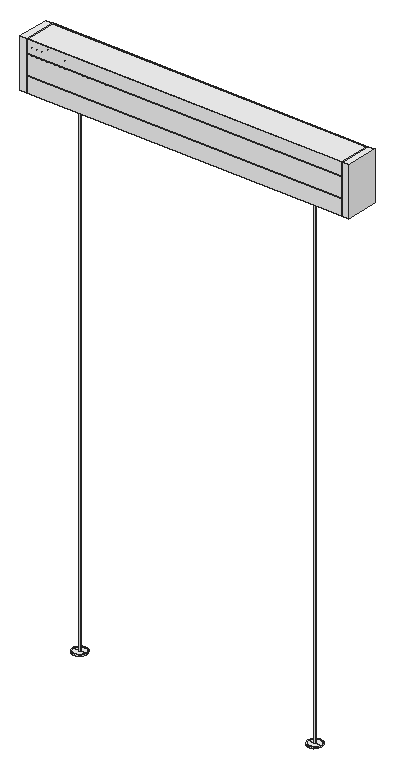
Revit family "2.3 inch  MAGIC WALL WASH LINEAR LIGHT", category Lighting Fixtures, host Face, Revit 2020 (continued)
Types (17): name | Wattage Comments | Wattage | Wall Mount | Suspenders Distance | Surface Mount | Recessed Mount | Photometric Web File | Pendent Mount | Order number | built-in parameter 1150142 | Model | built-in parameter 1150105 | Lumens | Light Source Height | Light Source Distance | built-in parameter 1150106 | Fixture Length
     1.55     1.58     1.62     1.65     1.68     1.71     1.74     1.77     1.80     1.83     \r\n 1.86     1.89     1.92     1.96     1.99     2.02     2.06     2.09     2.12     2.16     \r\n 2.19     2.22     2.26     2.29     2.32     2.36     2.39     2.42     2.46     2.49     \r\n 2.52     2.56     2.59     2.62     2.66     2.69     2.72     2.76     2.79     2.82     \r\n 2.86     2.88     2.91     2.93     2.96     2.98     3.00     3.03     3.05     3.08     \r\n 3.10     3.13     3.15     3.18     3.20     3.23     3.25     3.27     3.30     3.32     \r\n 3.35     3.37     3.40     3.42     3.45     3.47     3.50     3.52     3.54     3.57     \r\n 3.59     3.61     3.62     3.64     3.65     3.66     3.68     3.69     3.70     3.72     \r\n 3.73     3.75     3.76     3.77     3.79     3.80     3.82     3.83     3.84     3.86     \r\n 3.87     3.89     3.90     3.91     3.93     3.94     3.96     3.97     3.98     4.00     \r\n 4.01     4.01     4.01     4.01     4.01     4.01     4.01     4.01     4.01     4.01     \r\n 4.01     4.02     4.02     4.02     4.02     4.02     4.02     4.02     4.02     4.02     \r\n 4.02     4.02     4.02     4.02     4.02     4.02     4.02     4.02     4.02     4.02     \r\n 4.26     \r\n1793.11  1790.41  1787.72  1785.04  1782.37  1779.70  1777.05  1774.40  1771.76  1769.13  \r\n 1766.51  1763.90  1761.30  1758.70  1756.12  1753.54  1750.97  1748.41  1745.87  1743.33  \r\n 1740.80  1738.28  1735.77  1733.27  1730.66  1728.06  1725.46  1722.87  1720.30  1717.73  \r\n 1715.16  1706.70  1697.52  1688.35  1679.20  1670.05  1660.92  1651.80  1642.69  1633.59  \r\n 1624.50  1615.43  1606.37  1597.32  1588.28  1579.25  1570.23  1561.23  1552.22  1543.23  \r\n 1534.26  1525.31  1516.37  1507.46  1498.57  1489.70  1480.84  1472.01  1463.20  1454.41  \r\n 1445.63  1433.06  1419.62  1406.18  1392.76  1379.36  1365.96  1352.58  1339.21  1325.85  \r\n 1312.50  1299.17  1285.85  1272.55  1259.25  1245.95  1232.67  1219.41  1206.17  1192.95  \r\n 1179.74  1166.56  1153.39  1140.25  1127.12  1114.01  1100.92  1087.85  1074.79  1061.76  \r\n 1048.74  1033.77  1018.29  1002.82  987.38   971.95   956.55   941.18   925.82   910.48   \r\n 895.17   879.88   864.61   849.35   834.12   818.91   803.72   788.54   773.38   758.25   \r\n 743.13   728.03   712.96   697.90   682.86   667.84   652.84   637.86   622.90   607.95   \r\n 593.02   579.70   566.76   553.84   540.93   528.04   515.16   502.30   489.45   476.61   \r\n 463.78   450.97   438.17   425.38   412.61   399.84   387.09   374.35   361.62   348.90   \r\n 336.19   323.49   310.81   298.13   285.45   272.79   260.14   247.49   234.86   222.23   \r\n 209.61   202.01   195.03   188.05   181.07   174.10   167.13   160.16   153.20   146.24   \r\n 139.27   132.32   125.36   118.40   111.45   104.50   97.55    90.60    83.65    76.71    \r\n 69.76    62.82    55.88    48.94    42.00    35.06    28.12    21.18    14.24    7.30     \r\n 0.36     0.38     0.40     0.42     0.45     0.47     0.49     0.51     0.53     0.55     \r\n 0.57     0.60     0.62     0.64     0.66     0.68     0.70     0.73     0.75     0.77     \r\n 0.79     0.81     0.83     0.85     0.88     0.90     0.92     0.94     0.96     0.98     \r\n 1.00     1.04     1.07     1.10     1.13     1.17     1.20     1.23     1.26     1.29     \r\n 1.33     1.36     1.39     1.42     1.45     1.49     1.52     1.55     1.58     1.61     \r\n 1.65     1.68     1.71     1.74     1.77     1.80     1.84     1.87     1.90     1.93     \r\n 1.96     2.00     2.03     2.07     2.10     2.14     2.17     2.21     2.24     2.28     \r\n 2.31     2.35     2.38     2.42     2.45     2.49     2.52     2.56     2.59     2.63     \r\n 2.66     2.70     2.73     2.77     2.80     2.83     2.87     2.90     2.94     2.97     \r\n 3.00     3.03     3.05     3.07     3.10     3.12     3.14     3.17     3.19     3.21     \r\n 3.24     3.26     3.29     3.31     3.33     3.36     3.38     3.41     3.43     3.45     \r\n 3.48     3.50     3.52     3.54     3.57     3.59     3.61     3.63     3.66     3.68     \r\n 3.70     3.71     3.72     3.73     3.75     3.76     3.77     3.79     3.80     3.81     \r\n 3.82     3.84     3.85     3.86     3.88     3.89     3.90     3.91     3.93     3.94     \r\n 3.95     3.97     3.98     3.99     4.01     4.02     4.03     4.04     4.06     4.07     \r\n 4.08     4.08     4.08     4.08     4.07     4.07     4.07     4.07     4.07     4.07     \r\n 4.06     4.06     4.06     4.06     4.06     4.06     4.05     4.05     4.05     4.05     \r\n 4.05     4.04     4.04     4.04     4.04     4.04     4.03     4.03     4.03     4.03     \r\n 4.26     \r\n1793.11  1789.20  1785.30  1781.42  1777.55  1773.71  1769.87  1766.06  1762.26  1758.48  \r\n 1754.72  1750.97  1747.13  1743.19  1739.26  1735.34  1731.44  1727.56  1723.69  1719.84  \r\n 1716.00  1712.18  1708.38  1704.60  1700.71  1696.80  1692.89  1688.98  1685.07  1681.17  \r\n 1677.27  1669.80  1659.52  1649.28  1639.08  1628.93  1618.94  1608.99  1599.05  1589.12  \r\n 1579.20  1569.31  1559.42  1549.55  1539.69  1529.85  1520.03  1510.21  1500.28  1490.31  \r\n 1480.35  1470.43  1460.54  1450.68  1440.84  1431.03  1421.26  1411.51  1401.79  1392.10  \r\n 1382.44  1371.79  1357.78  1343.81  1329.86  1315.95  1302.07  1288.22  1274.40  1260.62  \r\n 1246.86  1233.14  1219.45  1205.78  1192.15  1178.44  1164.78  1151.17  1137.60  1124.09  \r\n 1110.62  1097.19  1083.82  1070.49  1057.21  1043.97  1030.78  1017.63  1004.53  991.48   \r\n 978.42   965.14   950.06   935.03   920.05   905.12   890.25   875.43   860.66   845.94   \r\n 831.27   816.64   802.07   787.55   773.07   758.64   744.26   729.93   715.65   701.43   \r\n 687.24   673.10   659.01   644.95   630.94   616.97   603.04   589.16   575.31   561.50   \r\n 547.73   534.43   522.48   510.57   498.69   486.84   475.02   463.23   451.47   439.73   \r\n 428.02   416.34   404.69   393.05   381.45   369.87   358.31   346.78   335.26   323.77   \r\n 312.31   300.86   289.43   278.02   266.63   255.26   243.91   232.58   221.26   209.95   \r\n 198.67   190.03   183.44   176.85   170.27   163.70   157.13   150.57   144.01   137.45   \r\n 130.90   124.36   117.82   111.28   104.74   98.21    91.69    85.16    78.64    72.12    \r\n 65.60    59.09    52.57    46.06    39.55    33.04    26.54    20.03    13.52    7.02     \r\n 0.51     0.53     0.55     0.57     0.58     0.60     0.62     0.64     0.65     0.67     \r\n 0.69     0.71     0.73     0.74     0.76     0.78     0.80     0.81     0.83     0.85     \r\n 0.87     0.88     0.90     0.92     0.94     0.95     0.97     0.99     1.01     1.03     \r\n 1.05     1.09     1.12     1.15     1.19     1.22     1.26     1.29     1.33     1.36     \r\n 1.39     1.43     1.46     1.50     1.53     1.56     1.60     1.63     1.66     1.70     \r\n 1.73     1.76     1.80     1.83     1.86     1.90     1.93     1.96     2.00     2.03     \r\n 2.06     2.10     2.14     2.17     2.21     2.25     2.28     2.32     2.36     2.39     \r\n 2.43     2.47     2.50     2.54     2.58     2.61     2.65     2.68     2.72     2.76     \r\n 2.79     2.83     2.86     2.90     2.94     2.97     3.01     3.04     3.08     3.11     \r\n 3.14     3.16     3.19     3.21     3.24     3.26     3.29     3.31     3.34     3.36     \r\n 3.39     3.41     3.44     3.46     3.49     3.51     3.54     3.56     3.58     3.60     \r\n 3.63     3.65     3.67     3.69     3.71     3.73     3.74     3.76     3.78     3.80     \r\n 3.81     3.82     3.83     3.85     3.86     3.87     3.88     3.89     3.91     3.92     \r\n 3.93     3.94     3.95     3.96     3.98     3.99     4.00     4.01     4.03     4.04     \r\n 4.05     4.06     4.07     4.09     4.10     4.11     4.12     4.13     4.14     4.15     \r\n 4.15     4.15     4.15     4.15     4.14     4.14     4.14     4.14     4.13     4.13     \r\n 4.12     4.12     4.11     4.11     4.10     4.10     4.09     4.09     4.08     4.08     \r\n 4.07     4.07     4.06     4.06     4.05     4.05     4.04     4.04     4.03     4.03     \r\n 4.26     \r\n1793.11  1788.01  1782.93  1777.88  1772.85  1767.85  1762.87  1757.91  1752.89  1747.64  \r\n 1742.41  1737.21  1732.03  1726.86  1721.72  1716.61  1711.45  1706.23  1701.02  1695.80  \r\n 1690.59  1685.38  1680.17  1674.97  1669.93  1664.99  1660.08  1655.21  1650.36  1645.54  \r\n 1640.76  1636.00  1624.69  1613.22  1601.80  1590.42  1579.07  1567.77  1556.51  1545.28  \r\n 1534.20  1523.21  1512.25  1501.33  1490.43  1479.58  1468.75  1457.97  1447.11  1436.11  \r\n 1425.12  1414.15  1403.20  1392.27  1381.36  1370.47  1359.59  1348.77  1338.01  1327.29  \r\n 1316.61  1305.98  1294.32  1279.73  1265.19  1250.71  1236.23  1221.80  1207.44  1193.15  \r\n 1178.93  1164.77  1150.68  1136.66  1122.70  1108.75  1094.84  1080.99  1067.22  1053.53  \r\n 1039.91  1026.36  1012.89  999.48   986.15   972.84   959.59   946.40   933.29   920.24   \r\n 907.26   894.35   881.48   867.00   852.61   838.30   824.10   809.98   795.96   782.03   \r\n 768.18   754.42   740.75   727.17   713.67   700.25   686.92   673.67   660.57   647.53   \r\n 634.55   621.63   608.76   595.96   583.21   570.51   557.87   545.28   532.75   520.27   \r\n 507.84   495.46   483.53   472.57   461.64   450.76   439.91   429.11   418.34   407.61   \r\n 396.92   386.26   375.64   365.06   354.51   343.99   333.50   323.04   312.62   302.24   \r\n 291.90   281.58   271.29   261.02   250.77   240.54   230.33   220.14   209.98   199.83   \r\n 189.70   179.66   173.43   167.20   160.98   154.77   148.56   142.36   136.17   129.98   \r\n 123.80   117.62   111.45   105.28   99.12    92.96    86.81    80.66    74.52    68.38    \r\n 62.24    56.10    49.97    43.83    37.70    31.58    25.45    19.32    13.20    7.07     \r\n 0.95     0.95     0.95     0.96     0.96     0.96     0.97     0.97     0.97     0.97     \r\n 0.98     0.98     0.98     0.99     0.99     0.99     0.99     1.00     1.00     1.00     \r\n 1.01     1.01     1.01     1.02     1.02     1.03     1.03     1.04     1.04     1.05     \r\n 1.08     1.12     1.16     1.19     1.23     1.27     1.30     1.34     1.37     1.41     \r\n 1.45     1.48     1.52     1.55     1.59     1.62     1.66     1.70     1.73     1.77     \r\n 1.80     1.84     1.87     1.91     1.95     1.98     2.02     2.05     2.09     2.12     \r\n 2.16     2.20     2.24     2.28     2.32     2.36     2.39     2.43     2.47     2.51     \r\n 2.55     2.59     2.62     2.66     2.70     2.74     2.77     2.81     2.85     2.88     \r\n 2.92     2.96     2.99     3.03     3.07     3.10     3.14     3.17     3.21     3.23     \r\n 3.26     3.28     3.31     3.33     3.35     3.38     3.40     3.42     3.45     3.47     \r\n 3.50     3.52     3.54     3.57     3.59     3.61     3.64     3.66     3.68     3.71     \r\n 3.73     3.75     3.78     3.80     3.83     3.85     3.87     3.89     3.92     3.93     \r\n 3.94     3.95     3.96     3.97     3.99     4.00     4.01     4.03     4.04     4.05     \r\n 4.06     4.08     4.09     4.09     4.10     4.11     4.11     4.12     4.13     4.13     \r\n 4.14     4.15     4.16     4.17     4.18     4.19     4.20     4.21     4.21     4.22     \r\n 4.22     4.21     4.21     4.20     4.20     4.19     4.19     4.18     4.18     4.17     \r\n 4.17     4.16     4.16     4.16     4.15     4.15     4.14     4.13     4.12     4.11     \r\n 4.10     4.09     4.08     4.08     4.07     4.06     4.05     4.05     4.04     4.03     \r\n 4.26     \r\n1793.11  1786.86  1780.65  1774.46  1768.30  1762.18  1756.02  1749.51  1743.03  1736.57  \r\n 1730.14  1723.74  1717.34  1710.87  1704.40  1697.93  1691.46  1684.99  1678.61  1672.37  \r\n 1666.17  1660.01  1653.89  1647.80  1641.51  1634.95  1628.39  1621.82  1615.25  1608.68  \r\n 1602.21  1595.88  1588.59  1576.38  1564.21  1552.09  1539.91  1527.63  1515.37  1503.12  \r\n 1490.90  1478.70  1466.45  1454.08  1441.76  1429.50  1417.29  1405.15  1393.06  1380.94  \r\n 1368.88  1356.87  1344.90  1332.99  1321.13  1309.20  1297.23  1285.31  1273.44  1261.61  \r\n 1249.84  1238.11  1226.35  1214.65  1199.89  1184.73  1169.68  1154.72  1139.88  1125.23  \r\n 1110.68  1096.21  1081.82  1067.52  1053.31  1039.18  1025.09  1011.15  997.33   983.65   \r\n 970.10   956.68   943.40   930.20   917.09   904.08   891.16   878.33   865.60   852.95   \r\n 840.40   828.17   816.05   804.04   791.48   778.16   764.95   751.83   738.81   725.80   \r\n 712.83   699.97   687.21   674.54   661.97   649.50   637.13   624.85   612.79   600.89   \r\n 589.08   577.35   565.69   554.12   542.62   531.20   519.86   508.59   497.32   486.04   \r\n 474.82   463.65   452.54   441.47   431.22   421.06   410.95   400.89   390.89   380.94   \r\n 371.14   361.41   351.71   342.04   332.41   322.81   313.25   303.71   294.21   284.73   \r\n 275.28   265.86   256.47   247.10   237.76   228.45   219.16   209.90   200.66   191.44   \r\n 182.25   173.07   164.77   158.86   152.96   147.07   141.19   135.32   129.45   123.59   \r\n 117.74   111.90   106.06   100.22   94.40    88.57    82.76    76.94    71.14    65.33    \r\n 59.53    53.73    47.94    42.15    36.36    30.57    24.78    19.00    13.21    7.43     \r\n 1.64     1.62     1.60     1.58     1.56     1.53     1.51     1.49     1.47     1.44     \r\n 1.42     1.40     1.38     1.35     1.33     1.31     1.29     1.27     1.25     1.22     \r\n 1.20     1.18     1.16     1.14     1.12     1.10     1.09     1.07     1.05     1.07     \r\n 1.11     1.15     1.19     1.23     1.27     1.31     1.35     1.39     1.43     1.46     \r\n 1.50     1.54     1.58     1.62     1.66     1.70     1.74     1.77     1.81     1.85     \r\n 1.89     1.93     1.97     2.00     2.04     2.08     2.12     2.16     2.20     2.24     \r\n 2.28     2.31     2.35     2.39     2.43     2.47     2.51     2.55     2.59     2.62     \r\n 2.66     2.70     2.74     2.78     2.82     2.85     2.89     2.93     2.97     3.01     \r\n 3.04     3.08     3.12     3.16     3.19     3.23     3.27     3.30     3.32     3.35     \r\n 3.37     3.40     3.42     3.45     3.47     3.50     3.52     3.54     3.57     3.59     \r\n 3.62     3.64     3.66     3.69     3.71     3.73     3.76     3.78     3.80     3.83     \r\n 3.85     3.87     3.90     3.92     3.94     3.96     3.98     4.00     4.01     4.02     \r\n 4.03     4.04     4.05     4.07     4.08     4.09     4.10     4.11     4.12     4.13     \r\n 4.14     4.16     4.17     4.18     4.18     4.19     4.20     4.21     4.22     4.23     \r\n 4.24     4.25     4.25     4.26     4.27     4.27     4.28     4.28     4.29     4.29     \r\n 4.28     4.28     4.27     4.26     4.25     4.25     4.24     4.23     4.22     4.22     \r\n 4.21     4.20     4.20     4.19     4.18     4.18     4.17     4.16     4.16     4.15     \r\n 4.14     4.12     4.11     4.10     4.09     4.08     4.07     4.06     4.04     4.03     \r\n 4.26     \r\n1793.11  1785.76  1778.45  1771.18  1763.94  1756.59  1748.87  1741.19  1733.54  1725.92  \r\n 1718.29  1710.62  1702.95  1695.28  1687.60  1680.07  1672.62  1665.20  1657.83  1650.51  \r\n 1642.70  1634.89  1627.07  1619.25  1611.43  1603.70  1596.02  1588.39  1580.81  1573.20  \r\n 1565.49  1557.85  1550.27  1542.41  1528.82  1515.02  1501.29  1487.62  1474.02  1460.45  \r\n 1446.91  1433.44  1420.02  1406.66  1393.24  1379.76  1366.34  1352.97  1339.66  1326.27  \r\n 1312.83  1299.46  1286.16  1272.95  1259.85  1246.94  1234.12  1221.38  1208.72  1196.12  \r\n 1183.16  1170.28  1157.48  1144.75  1132.11  1119.81  1104.62  1089.54  1074.58  1059.75  \r\n 1045.04  1030.50  1016.10  1001.85  987.74   973.78   959.93   946.18   932.55   919.04   \r\n 905.67   892.42   879.67   867.27   854.96   842.74   830.61   818.56   806.60   794.74   \r\n 783.03   771.44   760.00   748.68   737.50   726.39   714.84   702.47   690.22   678.07   \r\n 666.03   654.14   642.47   630.89   619.41   608.02   596.72   585.51   574.39   563.34   \r\n 552.35   541.43   530.58   519.80   509.08   498.43   487.85   477.54   467.30   457.15   \r\n 447.07   437.06   427.13   417.27   407.48   397.85   388.49   379.18   369.92   360.71   \r\n 351.54   342.42   333.35   324.31   315.32   306.37   297.49   288.66   279.85   271.08   \r\n 262.34   253.63   244.95   236.30   227.6
